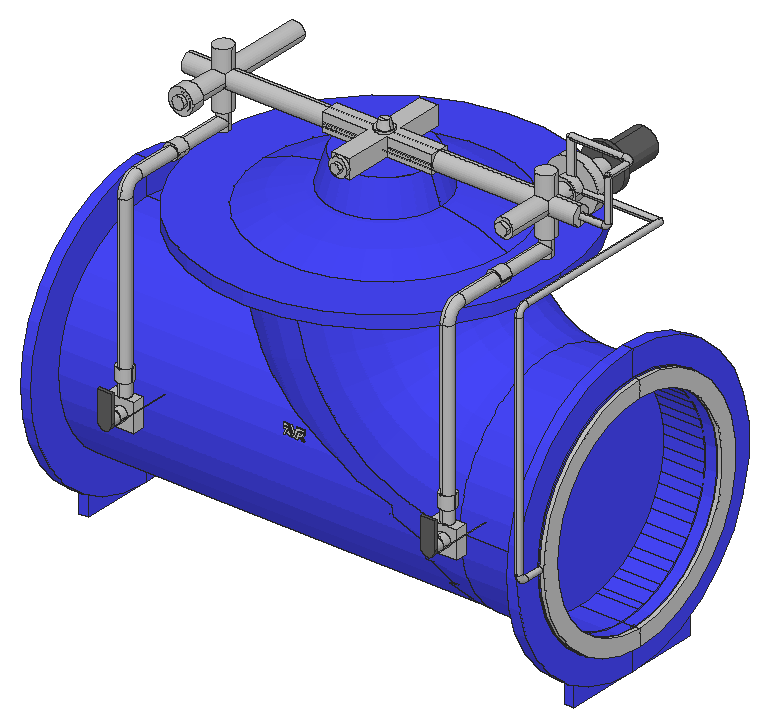
Revit family "859-002X-001 DN350-600", category Pipe Accessories, Revit 2022 (continued)
Types (41, lengths in mm): name | w2 | w1 | sweep_box2 | sweep_box1 | sweep_H1 | sweep_H | sweep_D | sweep1 | sweep/2 | sweep | nut_dim | Total_L | Sweep_R | Orifice_FL | L3 | dim1 | centre | W22 | W2 | W11 | W1 | W | Thickness1 | Thickness | Raised_dis | Raised_R | Nut_T | Nut_Dim2 | Nut_Dim1 | L | H4 | H33 | H3 | FL_T | D | DN | Control_dim7 | Control_dim6 | Control_dim5 | Control_dim4 | Control_dim3 | Control_dim2 | Control_dim1 | Centre_nut | Centre_D1 | Centre_D | Bore2 | Bore1 | Bore | Bonnet_dim3 | Bonnet_dim2 | Bonnet_dim1_H1 | Bonnet_dim1_H | Bonnet_dim1 | Bonnet_R | Bonnet_D1 | Bonnet_D | Bolt_Dia | Body_Rib_L | Body_H | Actuator_d | Actuator_L1 | Actuator_L
  DN500_PN10 Flow range ( 765 - 1860) | 465 | 465 | 22.1 | 40 | 94.395 | 563.85 | 34 | 17 | 8.5 | 40.8 | 214.5 | 1265 | 25.5 | 296 | 495.495 | 139.5 | 390.078 | 372 | 465 | 323.25 | 465 | 448 | 22.68 | 18.9 | 4 | 42.98 | 25.2 | 9.009 | 57.46 | 1250 | 298.438 | 149.219 | 1163 | 31.5 | 357.5 | 500.1 | 65.676 | 36.486 | 30.405 | 386.1 | 11.261 | 135.135 | 22.523 | 75 | 80 | 100 | 400.08 | 300.06 | 250.05 | 112.613 | 150.15 | 648.427 | 67.425 | 300.3 | 450.45 | 429 | 214.5 | 44.2 | 178.75 | 429 | 55.824 | 188.325 | 209.25
  DN500_PN10 Flow range ( 1115 - 2715) | 465 | 465 | 22.1 | 40 | 94.395 | 563.85 | 34 | 17 | 8.5 | 40.8 | 214.5 | 1265 | 25.5 | 296 | 495.495 | 139.5 | 390.078 | 372 | 465 | 323.25 | 465 | 448 | 22.68 | 18.9 | 4 | 42.98 | 25.2 | 9.009 | 57.46 | 1250 | 298.438 | 149.219 | 1163 | 31.5 | 357.5 | 500.1 | 65.676 | 36.486 | 30.405 | 386.1 | 11.261 | 135.135 | 22.523 | 75 | 80 | 100 | 400.08 | 300.06 | 250.05 | 112.613 | 150.15 | 648.427 | 67.425 | 300.3 | 450.45 | 429 | 214.5 | 44.2 | 178.75 | 429 | 55.824 | 188.325 | 209.25
  DN500_PN16 Flow range ( 350 - 835) | 465 | 465 | 22.1 | 40 | 94.395 | 563.85 | 34 | 17 | 8.5 | 40.8 | 214.5 | 1265 | 25.5 | 296 | 495.495 | 139.5 | 390.078 | 372 | 465 | 323.25 | 465 | 448 | 22.68 | 18.9 | 4 | 42.98 | 25.2 | 9.009 | 57.46 | 1250 | 298.438 | 149.219 | 1163 | 31.5 | 357.5 | 500.1 | 65.676 | 36.486 | 30.405 | 386.1 | 11.261 | 135.135 | 22.523 | 75 | 80 | 100 | 400.08 | 300.06 | 250.05 | 112.613 | 150.15 | 648.427 | 67.425 | 300.3 | 450.45 | 429 | 214.5 | 44.2 | 178.75 | 429 | 55.824 | 188.325 | 209.25
  DN500_PN16 Flow range ( 530 - 1290) | 465 | 465 | 22.1 | 40 | 94.395 | 563.85 | 34 | 17 | 8.5 | 40.8 | 214.5 | 1265 | 25.5 | 296 | 495.495 | 139.5 | 390.078 | 372 | 465 | 323.25 | 465 | 448 | 22.68 | 18.9 | 4 | 42.98 | 25.2 | 9.009 | 57.46 | 1250 | 298.438 | 149.219 | 1163 | 31.5 | 357.5 | 500.1 | 65.676 | 36.486 | 30.405 | 386.1 | 11.261 | 135.135 | 22.523 | 75 | 80 | 100 | 400.08 | 300.06 | 250.05 | 112.613 | 150.15 | 648.427 | 67.425 | 300.3 | 450.45 | 429 | 214.5 | 44.2 | 178.75 | 429 | 55.824 | 188.325 | 209.25
  DN500_PN16 Flow range ( 765 - 1860) | 465 | 465 | 22.1 | 40 | 94.395 | 563.85 | 34 | 17 | 8.5 | 40.8 | 214.5 | 1265 | 25.5 | 296 | 495.495 | 139.5 | 390.078 | 372 | 465 | 323.25 | 465 | 448 | 22.68 | 18.9 | 4 | 42.98 | 25.2 | 9.009 | 57.46 | 1250 | 298.438 | 149.219 | 1163 | 31.5 | 357.5 | 500.1 | 65.676 | 36.486 | 30.405 | 386.1 | 11.261 | 135.135 | 22.523 | 75 | 80 | 100 | 400.08 | 300.06 | 250.05 | 112.613 | 150.15 | 648.427 | 67.425 | 300.3 | 450.45 | 429 | 214.5 | 44.2 | 178.75 | 429 | 55.824 | 188.325 | 209.25
  DN500_PN16 Flow range ( 1115 - 2715) | 465 | 465 | 22.1 | 40 | 94.395 | 563.85 | 34 | 17 | 8.5 | 40.8 | 214.5 | 1265 | 25.5 | 296 | 495.495 | 139.5 | 390.078 | 372 | 465 | 323.25 | 465 | 448 | 22.68 | 18.9 | 4 | 42.98 | 25.2 | 9.009 | 57.46 | 1250 | 298.438 | 149.219 | 1163 | 31.5 | 357.5 | 500.1 | 65.676 | 36.486 | 30.405 | 386.1 | 11.261 | 135.135 | 22.523 | 75 | 80 | 100 | 400.08 | 300.06 | 250.05 | 112.613 | 150.15 | 648.427 | 67.425 | 300.3 | 450.45 | 429 | 214.5 | 44.2 | 178.75 | 429 | 55.824 | 188.325 | 209.25
  DN600_PN10 Flow range ( 500 - 1225) | 509 | 509 | 22.1 | 40 | 64.68 | 596.4 | 34 | 17 | 8.5 | 40.8 | 252 | 1465 | 25.5 | 347 | 582.12 | 152.7 | 468.078 | 407.2 | 509 | 356.25 | 509 | 492 | 25.92 | 21.6 | 5 | 47.98 | 28.8 | 10.584 | 57.46 | 1450 | 315.666 | 157.833 | 1272 | 36 | 420 | 600.1 | 77.157 | 42.865 | 35.721 | 453.6 | 13.23 | 158.76 | 26.46 | 75 | 80 | 100 | 480.08 | 360.06 | 300.05 | 132.3 | 176.4 | 685.86 | 46.2 | 352.8 | 529.2 | 504 | 252 | 44.2 | 210 | 504 | 65.584 | 206.145 | 229.05
  DN600_PN10 Flow range ( 710 - 1735) | 509 | 509 | 22.1 | 40 | 64.68 | 596.4 | 34 | 17 | 8.5 | 40.8 | 252 | 1465 | 25.5 | 347 | 582.12 | 152.7 | 468.078 | 407.2 | 509 | 356.25 | 509 | 492 | 25.92 | 21.6 | 5 | 47.98 | 28.8 | 10.584 | 57.46 | 1450 | 315.666 | 157.833 | 1272 | 36 | 420 | 600.1 | 77.157 | 42.865 | 35.721 | 453.6 | 13.23 | 158.76 | 26.46 | 75 | 80 | 100 | 480.08 | 360.06 | 300.05 | 132.3 | 176.4 | 685.86 | 46.2 | 352.8 | 529.2 | 504 | 252 | 44.2 | 210 | 504 | 65.584 | 206.145 | 229.05
  DN600_PN10 Flow range ( 970 - 2360) | 509 | 509 | 22.1 | 40 | 64.68 | 596.4 | 34 | 17 | 8.5 | 40.8 | 252 | 1465 | 25.5 | 347 | 582.12 | 152.7 | 468.078 | 407.2 | 509 | 356.25 | 509 | 492 | 25.92 | 21.6 | 5 | 47.98 | 28.8 | 10.584 | 57.46 | 1450 | 315.666 | 157.833 | 1272 | 36 | 420 | 600.1 | 77.157 | 42.865 | 35.721 | 453.6 | 13.23 | 158.76 | 26.46 | 75 | 80 | 100 | 480.08 | 360.06 | 300.05 | 132.3 | 176.4 | 685.86 | 46.2 | 352.8 | 529.2 | 504 | 252 | 44.2 | 210 | 504 | 65.584 | 206.145 | 229.05
  DN600_PN10 Flow range ( 1780 - 4350) | 509 | 509 | 22.1 | 40 | 64.68 | 596.4 | 34 | 17 | 8.5 | 40.8 | 252 | 1465 | 25.5 | 347 | 582.12 | 152.7 | 468.078 | 407.2 | 509 | 356.25 | 509 | 492 | 25.92 | 21.6 | 5 | 47.98 | 28.8 | 10.584 | 57.46 | 1450 | 315.666 | 157.833 | 1272 | 36 | 420 | 600.1 | 77.157 | 42.865 | 35.721 | 453.6 | 13.23 | 158.76 | 26.46 | 75 | 80 | 100 | 480.08 | 360.06 | 300.05 | 132.3 | 176.4 | 685.86 | 46.2 | 352.8 | 529.2 | 504 | 252 | 44.2 | 210 | 504 | 65.584 | 206.145 | 229.05
  DN600_PN16 Flow range ( 500 - 1225) | 509 | 509 | 22.1 | 40 | 64.68 | 596.4 | 34 | 17 | 8.5 | 40.8 | 252 | 1465 | 25.5 | 347 | 582.12 | 152.7 | 468.078 | 407.2 | 509 | 356.25 | 509 | 492 | 25.92 | 21.6 | 5 | 47.98 | 28.8 | 10.584 | 57.46 | 1450 | 315.666 | 157.833 | 1272 | 36 | 420 | 600.1 | 77.157 | 42.865 | 35.721 | 453.6 | 13.23 | 158.76 | 26.46 | 75 | 80 | 100 | 480.08 | 360.06 | 300.05 | 132.3 | 176.4 | 685.86 | 46.2 | 352.8 | 529.2 | 504 | 252 | 44.2 | 210 | 504 | 65.584 | 206.145 | 229.05
  DN600_PN16 Flow range ( 710 - 1735) | 509 | 509 | 22.1 | 40 | 64.68 | 596.4 | 34 | 17 | 8.5 | 40.8 | 252 | 1465 | 25.5 | 347 | 582.12 | 152.7 | 468.078 | 407.2 | 509 | 356.25 | 509 | 492 | 25.92 | 21.6 | 5 | 47.98 | 28.8 | 10.584 | 57.46 | 1450 | 315.666 | 157.833 | 1272 | 36 | 420 | 600.1 | 77.157 | 42.865 | 35.721 | 453.6 | 13.23 | 158.76 | 26.46 | 75 | 80 | 100 | 480.08 | 360.06 | 300.05 | 132.3 | 176.4 | 685.86 | 46.2 | 352.8 | 529.2 | 504 | 252 | 44.2 | 210 | 504 | 65.584 | 206.145 | 229.05
  DN600_PN16 Flow range ( 970 - 2360) | 509 | 509 | 22.1 | 40 | 64.68 | 596.4 | 34 | 17 | 8.5 | 40.8 | 252 | 1465 | 25.5 | 347 | 582.12 | 152.7 | 468.078 | 407.2 | 509 | 356.25 | 509 | 492 | 25.92 | 21.6 | 5 | 47.98 | 28.8 | 10.584 | 57.46 | 1450 | 315.666 | 157.833 | 1272 | 36 | 420 | 600.1 | 77.157 | 42.865 | 35.721 | 453.6 | 13.23 | 158.76 | 26.46 | 75 | 80 | 100 | 480.08 | 360.06 | 300.05 | 132.3 | 176.4 | 685.86 | 46.2 | 352.8 | 529.2 | 504 | 252 | 44.2 | 210 | 504 | 65.584 | 206.145 | 229.05
  DN600_PN16 Flow range ( 1780 - 4350) | 509 | 509 | 22.1 | 40 | 64.68 | 596.4 | 34 | 17 | 8.5 | 40.8 | 252 | 1465 | 25.5 | 347 | 582.12 | 152.7 | 468.078 | 407.2 | 509 | 356.25 | 509 | 492 | 25.92 | 21.6 | 5 | 47.98 | 28.8 | 10.584 | 57.46 | 1450 | 315.666 | 157.833 | 1272 | 36 | 420 | 600.1 | 77.157 | 42.865 | 35.721 | 453.6 | 13.23 | 158.76 | 26.46 | 75 | 80 | 100 | 480.08 | 360.06 | 300.05 | 132.3 | 176.4 | 685.86 | 46.2 | 352.8 | 529.2 | 504 | 252 | 44.2 | 210 | 504 | 65.584 | 206.145 | 229.05
